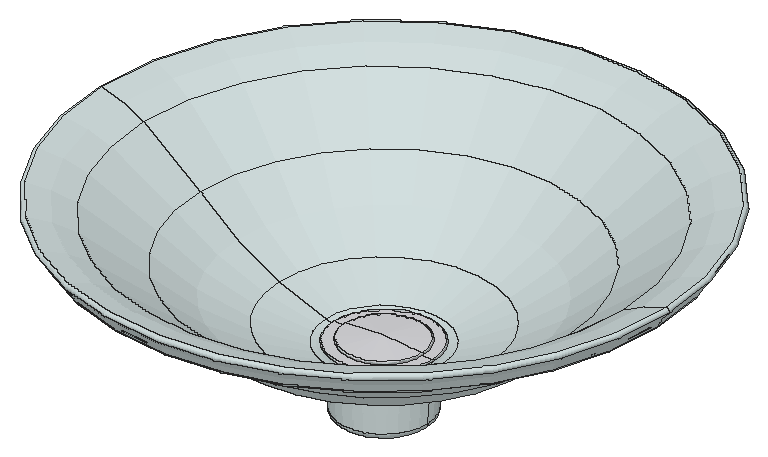
Revit family "Sink-Vessel-Lavatory-KOHLER-Derring_on_Carillon-K-17890_1", category Plumbing Fixtures, host Face, Revit 2015
Parameters (values of type "K8-Translucent White")
  Width = 17 11/16"  # constant formula
  WaterSense Certified = 1 = 0  # no
  Waste Water Outlet = "Waste Water Outlet"  # constant formula
  Waste Connection = 1 = 1  # yes
  Vent Connection = 1 = 0  # no
  URL = "https://www.us.kohler.com/us/"
  Type = 1
  Product Page URL = "http://www.us.kohler.com/us/catalog/productDetails.jsp?productNumber=17890-RL"
  Product Name = "Derring on Carillon"  # constant formula
  Product Documentation Link = "https://www.us.kohler.com/webassets/kpna/catalog/pdf/en/K-17890-RL_spec.pdf"
  Model = if(Type = 1, "K-17890-RL-K8", if(Type = 2, "K-17890-RL-RB2", if(Type = 3, "K-17890-RL-RB3", "NA")))  # "K-17890-RL-K8"
  Material = "Vitreous China"  # constant formula
  MasterFormat 2004 = "22.41.16"  # constant formula
  MasterFormat 1995 = "15410"  # constant formula
  Manufacturer Address = "444 Highland Dr, Kohler, WI 53044"  # constant formula
  Manufacturer = "KOHLER Co."  # constant formula
  Length = 17 11/16"  # constant formula
  Hot Water Inlet = "Hot Water Inlet"  # constant formula
  Height = 6"  # constant formula
  HW Connection = 1 = 0  # no
  Finish = Kohler-Vitreous_China-K8-Translucent_White
  Environmental Product Declaration = ""
  Drain Included = 1 = 0  # no
  Description = "Round Wading Pool bathroom sink"  # constant formula
  Default Elevation = 36"
  Declare Label = ""
  Date Modified = "4/8/2019"  # constant formula
  Date Created = "4/8/2019"  # constant formula
  Copyright = "Copyright KOHLER Co."  # constant formula
  Contact Us = "https://www.us.kohler.com/us/static/contact.jsp"
  Cold Water Inlet = "Cold Water Inlet"  # constant formula
  CW Connection = 1 = 0  # no
  Assembly Code = "D2010400"
  ADA Compliant = 1 = 1  # yes
Reference planes (in)
  plane 1 "Center (Front/Back)": y = 0
  plane 2: z = 0
  plane 3 "Center (Left/Right)": x = 0
  plane 4: y = 8.84375
  plane 5: y = -8.84375
  plane 6: x = 8.84375
  plane 7: x = -8.84375
  plane 8: z = 0.75
  plane 9: z = -5.25
Forms (in)
  Extrusion 1, void
    sketch origin (0, 0, 0) x (1, 0, 0) y (0, 1, 0)
      loop
        circle (0, 0) r 7.81933
    from -5.29821 to 1.35718
Dimensions and locks (in)
  "Length": plane 7 to plane 6
  "Width": plane 5 to plane 4
  locked: plane 8 to plane 2 at 0.75
  "Height": plane 8 to plane 9
  aligned and locked: host face to plane 2
  aligned and locked: host face to level
Automatic sketch dimensions
  host sketch curve to host sketch curve = 96"  (x2)
  plane 1 "Center (Front/Back)" to Extrusion 1 sketch curve = 0"
  Extrusion 1 sketch curve to plane 3 "Center (Left/Right)" = 0"
  radius of Extrusion 1 sketch curve = 7.81933"
Nested families (in)
  nested 1: "K-17890" at (0, 0, 0), type "K-17890"
Connectors (in)
  piping at (0, 0, -4.98396), diameter 1.25, driven by "Waste Connection", driven by "Waste Water Outlet"
    settings: on nested 1, index 1, connector inside diameter 24", connector length 0", flow factor 0, pipe flow 0 GPM, pressure drop 0.00 psi, fitting loss kfactor 0, connector angle 0.00°, fixture units 0, engagement length 0", angle of deflection 0.00°, flow configuration 0, flow direction 2, fitting loss method 0, system type 16, joint type 0, gender type 0, connector reference index -1, connector utility 1, adjustable connector no, is connector primary yes, connector description "Waste Water Outlet"
Definition of nested family "K-17890"
  Parameters (values of type "K-17890")
    Material = none
  Reference planes (in)
    plane 1 "Center (Front/Back)": y = 0
    plane 2: z = 0
    plane 3 "Center (Left/Right)": x = 0
    plane 4: x = -8.84375
    plane 5: x = 8.84375
    plane 6: y = 8.84375
    plane 7: y = -8.84375
    plane 8: z = 0.75
    plane 9: z = -5.25
  Forms (in)
    Sweep 1, solid, material <- "Material", detail levels medium+fine
      path origin (0, 0, 0) x (1, 0, 0) y (0, 1, 0)
        loop
          circle (0, 0) r 0.84375
      profile origin (0.84375, 0, 0) x (-1, 0, 0) y (0, 0, 1)
        loop
          line (0, -3.58553) -> (-0.47827, -3.4942)
          arc (-0.47827, -3.4942) -> (-0.70137, -3.35082) -> (-0.94956, -3.25738) r 1.25872
          arc (-0.94956, -3.25738) -> (-1.6913, -3.02994) -> (-2.41079, -2.73969) r 9.03226
          arc (-2.41079, -2.73969) -> (-3.69827, -2.02279) -> (-4.85204, -1.10608) r 9.03226
          arc (-4.85204, -1.10608) -> (-5.68955, -0.39675) -> (-6.59413, 0.2248) r 10.90406
          arc (-6.59413, 0.2248) -> (-7.22271, 0.54135) -> (-7.89583, 0.74679) r 4.13752
          arc (-7.89583, 0.74679) -> (-7.98862, 0.7058) -> (-7.97855, 0.60486) r 0.08643
          arc (-7.97855, 0.60486) -> (-7.79731, 0.3733) -> (-7.64628, 0.121) r 2.35953
          arc (-7.64628, 0.121) -> (-7.60348, 0.0759) -> (-7.54318, 0.0607) r 0.11162
          arc (-7.54318, 0.0607) -> (-7.47994, 0.04998) -> (-7.42608, 0.01514) r 0.15895
          arc (-7.42608, 0.01514) -> (-7.40982, 0.00441) -> (-7.39071, 0.00065) r 0.05042
          line (-7.39071, 0.00065) -> (-6.90742, 0.00065)
          arc (-6.90742, 0.00065) -> (-6.85479, -0.00801) -> (-6.80771, -0.03308) r 0.16423
          arc (-6.80771, -0.03308) -> (-5.79931, -0.82631) -> (-4.81364, -1.64761) r 45.57702
          arc (-4.81364, -1.64761) -> (-3.74262, -2.4503) -> (-2.57581, -3.106) r 10.20986
          arc (-2.57581, -3.106) -> (-1.72191, -3.45526) -> (-0.83327, -3.70313) r 7.94073
          arc (-0.83327, -3.70313) -> (-0.68362, -3.79118) -> (-0.6155, -3.95088) r 0.27773
          line (-0.6155, -3.95088) -> (-0.51937, -5.07558)
          arc (-0.51937, -5.07558) -> (-0.45836, -5.19978) -> (-0.32941, -5.25) r 0.19066
          line (-0.32941, -5.25) -> (0, -5.25) -> (0, -3.58553)
    Revolve 2, solid, detail levels medium+fine
      sketch origin (0, 0, 0) x (1, 0, 0) y (0, 0, 1)
        loop
          arc (0, -3.06924) -> (-0.59366, -3.0928) -> (-1.18359, -3.16333) r 7.49193
          arc (-1.18359, -3.16333) -> (-1.21043, -3.19746) -> (-1.17854, -3.22692) r 0.032
          line (-1.17854, -3.22692) -> (-1.52405, -3.22692)
          arc (-1.52405, -3.22692) -> (-1.54549, -3.24476) -> (-1.53187, -3.26909) r 0.02181
          line (-1.53187, -3.26909) -> (-0.80286, -3.54893) -> (-0.80286, -4.21632) -> (0, -4.21632) -> (0, -3.06924)
        axis (0, -3.06924) -> (0, -4.21632)
      angle from 0 to 360
    Extrusion 3, solid, material <- "Material", detail levels medium+fine
      sketch origin (0, 0, 0) x (1, 0, 0) y (0, 1, 0)
        loop
          circle (0, 0) r 0.84375
      from -4.98396 to -3.58553
    Extrusion 4, solid, material <- "Material", detail levels coarse
      sketch origin (0, 0, 0) x (1, 0, 0) y (0, 1, 0)
        loop
          circle (0, 0) r 8.84375
      from 0 to 0.75
    Extrusion 5, solid, material <- "Material", detail levels coarse
      sketch origin (0, 0, 0) x (1, 0, 0) y (0, 1, 0)
        loop
          circle (0, 0) r 7.75
      from -5.25 to 0
    Extrusion 6, void
      sketch origin (0, 0, 0) x (1, 0, 0) y (0, 1, 0)
        loop
          circle (0, 0) r 7.25
      from -4.8902 to 2.95349
  Cuts and joins
    joined: Sweep 1, Extrusion 3
    Extrusion 6 cuts Extrusion 4
    Extrusion 6 cuts Extrusion 5
    joined: Extrusion 4, Extrusion 5
  Lines and regions (in)
    Masking region 1
      outline origin (0, 0, 0) x (1, 0, 0) y (0, 1, 0)
        loop
          circle (0, 0) r 8.84375
    Masking region 2
      outline origin (0, 0, 0) x (1, 0, 0) y (0, 0, 1)
        loop
          line (-8.23106, 0) -> (-7.74032, 0)
          arc (-7.74032, 0) -> (-7.70233, -0.0063) -> (-7.6684, -0.02452) r 0.11774
          arc (-7.6684, -0.02452) -> (-6.63638, -0.84027) -> (-5.62388, -1.68014) r 55.76643
          arc (-5.62388, -1.68014) -> (-4.25538, -2.66484) -> (-2.74667, -3.41731) r 10.4776
          arc (-2.74667, -3.41731) -> (-2.21307, -3.59879) -> (-1.66296, -3.72142) r 5.19635
          arc (-1.66296, -3.72142) -> (-1.53166, -3.79203) -> (-1.47077, -3.92811) r 0.23115
          line (-1.47077, -3.92811) -> (-1.36936, -5.02306)
          arc (-1.36936, -5.02306) -> (-1.28886, -5.18475) -> (-1.12043, -5.25) r 0.25
          line (-1.12043, -5.25) -> (1.12043, -5.25)
          arc (1.12043, -5.25) -> (1.28886, -5.18475) -> (1.36936, -5.02306) r 0.25
          line (1.36936, -5.02306) -> (1.47077, -3.92811)
          arc (1.47077, -3.92811) -> (1.53166, -3.79203) -> (1.66296, -3.72142) r 0.23115
          arc (1.66296, -3.72142) -> (2.21307, -3.59879) -> (2.74667, -3.41731) r 5.19635
          arc (2.74667, -3.41731) -> (4.25538, -2.66484) -> (5.62388, -1.68014) r 10.4776
          arc (5.62388, -1.68014) -> (6.63638, -0.84027) -> (7.6684, -0.02452) r 55.76643
          arc (7.6684, -0.02452) -> (7.70233, -0.0063) -> (7.74032, 0) r 0.11774
          line (7.74032, 0) -> (8.23106, 0)
          arc (8.23106, 0) -> (8.25267, 0.0046) -> (8.27052, 0.01761) r 0.05303
          arc (8.27052, 0.01761) -> (8.31789, 0.05146) -> (8.37515, 0.06202) r 0.13396
          arc (8.37515, 0.06202) -> (8.44771, 0.08011) -> (8.49946, 0.1341) r 0.13478
          arc (8.49946, 0.1341) -> (8.64644, 0.37698) -> (8.82194, 0.60014) r 2.32451
          arc (8.82194, 0.60014) -> (8.83684, 0.69683) -> (8.75472, 0.75) r 0.09001
          line (8.75472, 0.75) -> (-8.75472, 0.75)
          arc (-8.75472, 0.75) -> (-8.83684, 0.69683) -> (-8.82194, 0.60014) r 0.09001
          arc (-8.82194, 0.60014) -> (-8.64644, 0.37698) -> (-8.49946, 0.1341) r 2.32451
          arc (-8.49946, 0.1341) -> (-8.44771, 0.08011) -> (-8.37515, 0.06202) r 0.13478
          arc (-8.37515, 0.06202) -> (-8.31789, 0.05146) -> (-8.27052, 0.01761) r 0.13396
          arc (-8.27052, 0.01761) -> (-8.25267, 0.0046) -> (-8.23106, 0) r 0.05303
    Masking region 3
      outline origin (0, 0, 0) x (0, 1, 0) y (0, 0, 1)
        loop
          line (-8.23106, 0) -> (-7.74032, 0)
          arc (-7.74032, 0) -> (-7.70233, -0.0063) -> (-7.6684, -0.02452) r 0.11774
          arc (-7.6684, -0.02452) -> (-6.63638, -0.84027) -> (-5.62388, -1.68014) r 55.76643
          arc (-5.62388, -1.68014) -> (-4.25538, -2.66484) -> (-2.74667, -3.41731) r 10.4776
          arc (-2.74667, -3.41731) -> (-2.21307, -3.59879) -> (-1.66296, -3.72142) r 5.19635
          arc (-1.66296, -3.72142) -> (-1.53166, -3.79203) -> (-1.47077, -3.92811) r 0.23115
          line (-1.47077, -3.92811) -> (-1.36936, -5.02306)
          arc (-1.36936, -5.02306) -> (-1.28886, -5.18475) -> (-1.12043, -5.25) r 0.25
          line (-1.12043, -5.25) -> (1.12043, -5.25)
          arc (1.12043, -5.25) -> (1.28886, -5.18475) -> (1.36936, -5.02306) r 0.25
          line (1.36936, -5.02306) -> (1.47077, -3.92811)
          arc (1.47077, -3.92811) -> (1.53166, -3.79203) -> (1.66296, -3.72142) r 0.23115
          arc (1.66296, -3.72142) -> (2.21307, -3.59879) -> (2.74667, -3.41731) r 5.19635
          arc (2.74667, -3.41731) -> (4.25538, -2.66484) -> (5.62388, -1.68014) r 10.4776
          arc (5.62388, -1.68014) -> (6.63638, -0.84027) -> (7.6684, -0.02452) r 55.76643
          arc (7.6684, -0.02452) -> (7.70233, -0.0063) -> (7.74032, 0) r 0.11774
          line (7.74032, 0) -> (8.23106, 0)
          arc (8.23106, 0) -> (8.25267, 0.0046) -> (8.27052, 0.01761) r 0.05303
          arc (8.27052, 0.01761) -> (8.31789, 0.05146) -> (8.37515, 0.06202) r 0.13396
          arc (8.37515, 0.06202) -> (8.44771, 0.08011) -> (8.49946, 0.1341) r 0.13478
          arc (8.49946, 0.1341) -> (8.64644, 0.37698) -> (8.82194, 0.60014) r 2.32451
          arc (8.82194, 0.60014) -> (8.83684, 0.69683) -> (8.75472, 0.75) r 0.09001
          line (8.75472, 0.75) -> (-8.75472, 0.75)
          arc (-8.75472, 0.75) -> (-8.83684, 0.69683) -> (-8.82194, 0.60014) r 0.09001
          arc (-8.82194, 0.60014) -> (-8.64644, 0.37698) -> (-8.49946, 0.1341) r 2.32451
          arc (-8.49946, 0.1341) -> (-8.44771, 0.08011) -> (-8.37515, 0.06202) r 0.13478
          arc (-8.37515, 0.06202) -> (-8.31789, 0.05146) -> (-8.27052, 0.01761) r 0.13396
          arc (-8.27052, 0.01761) -> (-8.25267, 0.0046) -> (-8.23106, 0) r 0.05303
    symbolic lines, detail levels medium+fine
      curve 1: circle (0, 0, 0) r 8.69018 normal (0, 0, 1)
      curve 2: circle (0, 0, 0) r 1.54877 normal (0, 0, 1)
      curve 3: circle (0, 0, 0) r 1.31178 normal (0, 0, 1)
      curve 4: line (-7.74032, 0, 0) -> (7.75968, 0, 0)
      curve 5: line (-1.66296, 0, -3.72142) -> (1.66296, 0, -3.72142)
      curve 6: line (0, -7.74032, 0) -> (0, 7.74032, 0)
      curve 7: line (0, -1.66296, -3.72142) -> (0, 1.66296, -3.72142)
      curve 8: line (0, 8.69018, 0) -> (0, 8.41945, 0)
      curve 9: line (0.58909, 8.41945, 0) -> (0.60655, 8.66899, 0)
      curve 10: arc (0, 8.41945, 0) -> (0.01739, 7.88883, 0) -> (0.0695, 7.36049, 0) r 8.10184
      curve 11: arc (0.0695, 7.36049, 0) -> (0.10757, 7.16722, 0) -> (0.16976, 6.98032, 0) r 1.55506
      curve 12: arc (0.49256, 7.57014, 0) -> (0.55002, 7.99375, 0) -> (0.58909, 8.41945, 0) r 9.87161
      curve 13: arc (0.40844, 7.2089, 0) -> (0.45704, 7.388, 0) -> (0.49256, 7.57014, 0) r 2.56621
      curve 14: arc (0.30131, 6.96995, 0) -> (0.36207, 7.0862, 0) -> (0.40844, 7.2089, 0) r 1.09046
      curve 15: arc (0.16976, 6.98032, 0) -> (0.23233, 6.93447, 0) -> (0.30131, 6.96995, 0) r 0.07375
      curve 16: line (0.61995, 8.66804, 0) -> (0.60064, 8.39799, 0)
      curve 17: line (1.18822, 8.35597, 0) -> (1.22344, 8.60363, 0)
      curve 18: arc (0.60064, 8.39799, 0) -> (0.58013, 7.86749, 0) -> (0.59442, 7.33678, 0) r 8.10184
      curve 19: arc (0.59442, 7.33678, 0) -> (0.6186, 7.14129, 0) -> (0.66729, 6.95042, 0) r 1.55506
      curve 20: arc (1.03136, 7.51571, 0) -> (1.11889, 7.93414, 0) -> (1.18822, 8.35597, 0) r 9.87161
      curve 21: arc (0.92168, 7.1614, 0) -> (0.98293, 7.33657, 0) -> (1.03136, 7.51571, 0) r 2.56621
      curve 22: arc (0.79777, 6.9307, 0) -> (0.86667, 7.04232, 0) -> (0.92168, 7.1614, 0) r 1.09046
      curve 23: arc (0.66729, 6.95042, 0) -> (0.72643, 6.90022, 0) -> (0.79777, 6.9307, 0) r 0.07375
      curve 24: line (1.23674, 8.60173, 0) -> (1.19821, 8.33375, 0)
      curve 25: line (1.7813, 8.24991, 0) -> (1.8341, 8.49443, 0)
      curve 26: arc (1.19821, 8.33375, 0) -> (1.13991, 7.80606, 0) -> (1.1163, 7.27568, 0) r 8.10184
      curve 27: arc (1.1163, 7.27568, 0) -> (1.12647, 7.07896, 0) -> (1.16143, 6.88511, 0) r 1.55506
      curve 28: arc (1.56489, 7.42298, 0) -> (1.68205, 7.8341, 0) -> (1.7813, 8.24991, 0) r 9.87161
      curve 29: arc (1.43022, 7.0774, 0) -> (1.50381, 7.24776, 0) -> (1.56489, 7.42298, 0) r 2.56621
      curve 30: arc (1.29017, 6.85613, 0) -> (1.36686, 6.96254, 0) -> (1.43022, 7.0774, 0) r 1.09046
      curve 31: arc (1.16143, 6.88511, 0) -> (1.21684, 6.83082, 0) -> (1.29017, 6.85613, 0) r 0.07375
      curve 32: line (1.84723, 8.49159, 0) -> (1.78968, 8.22704, 0)
      curve 33: line (2.36531, 8.10182, 0) -> (2.43541, 8.34195, 0)
      curve 34: arc (1.78968, 8.22704, 0) -> (1.69389, 7.70485, 0) -> (1.6325, 7.1775, 0) r 8.10184
      curve 35: arc (1.6325, 7.1775, 0) -> (1.62861, 6.98056, 0) -> (1.64965, 6.78471, 0) r 1.55506
      curve 36: arc (2.09046, 7.29243, 0) -> (2.23665, 7.69415, 0) -> (2.36531, 8.10182, 0) r 9.87161
      curve 37: arc (1.93147, 6.95734, 0) -> (2.01702, 7.12201, 0) -> (2.09046, 7.29243, 0) r 2.56621
      curve 38: arc (1.77599, 6.74662, 0) -> (1.86008, 6.84729, 0) -> (1.93147, 6.95734, 0) r 1.09046
      curve 39: arc (1.64965, 6.78471, 0) -> (1.70104, 6.72661, 0) -> (1.77599, 6.74662, 0) r 0.07375
      curve 40: line (2.44831, 8.33817, 0) -> (2.37203, 8.0784, 0)
      curve 41: line (2.93726, 7.91243, 0) -> (3.02431, 8.14695, 0)
      curve 42: arc (2.37203, 8.0784, 0) -> (2.23923, 7.56437, 0) -> (2.14038, 7.04276, 0) r 8.10184
      curve 43: arc (2.14038, 7.04276, 0) -> (2.12245, 6.84659, 0) -> (2.12946, 6.64974, 0) r 1.55506
      curve 44: arc (2.60537, 7.12472, 0) -> (2.77984, 7.51498, 0) -> (2.93726, 7.91243, 0) r 9.87161
      curve 45: arc (2.42288, 6.80182, 0) -> (2.51996, 6.95997, 0) -> (2.60537, 7.12472, 0) r 2.56621
      curve 46: arc (2.25276, 6.60273, 0) -> (2.34382, 6.69715, 0) -> (2.42288, 6.80182, 0) r 1.09046
      curve 47: arc (2.12946, 6.64974, 0) -> (2.17658, 6.58812, 0) -> (2.25276, 6.60273, 0) r 0.07375
      curve 48: line (3.03691, 8.14227, 0) -> (2.94229, 7.8886, 0)
      curve 49: line (3.49424, 7.68273, 0) -> (3.5978, 7.91044, 0)
      curve 50: arc (2.94229, 7.8886, 0) -> (2.77316, 7.38536, 0) -> (2.63735, 6.87212, 0) r 8.10184
      curve 51: arc (2.63735, 6.87212, 0) -> (2.60547, 6.67774, 0) -> (2.59842, 6.48088, 0) r 1.55506
      curve 52: arc (3.107, 6.9207, 0) -> (3.30887, 7.29752, 0) -> (3.49424, 7.68273, 0) r 9.87161
      curve 53: arc (2.90194, 6.61164, 0) -> (3.01006, 6.76246, 0) -> (3.107, 6.9207, 0) r 2.56621
      curve 54: arc (2.71806, 6.4252, 0) -> (2.81562, 6.51288, 0) -> (2.90194, 6.61164, 0) r 1.09046
      curve 55: arc (2.59842, 6.48088, 0) -> (2.64103, 6.41606, 0) -> (2.71806, 6.4252, 0) r 0.07375
      curve 56: line (3.61003, 7.90487, 0) -> (3.49756, 7.6586, 0)
      curve 57: line (4.03342, 7.41388, 0) -> (4.15296, 7.63362, 0)
      curve 58: arc (3.49756, 7.6586, 0) -> (3.29296, 7.1687, 0) -> (3.12088, 6.66646, 0) r 8.10184
      curve 59: arc (3.12088, 6.66646, 0) -> (3.07522, 6.47485, 0) -> (3.05415, 6.279, 0) r 1.55506
      curve 60: arc (3.5928, 6.68142, 0) -> (3.82104, 7.04288, 0) -> (4.03342, 7.41388, 0) r 9.87161
      curve 61: arc (3.36622, 6.38778, 0) -> (3.48482, 6.5305, 0) -> (3.5928, 6.68142, 0) r 2.56621
      curve 62: arc (3.1695, 6.21493, 0) -> (3.27307, 6.29542, 0) -> (3.36622, 6.38778, 0) r 1.09046
      curve 63: arc (3.05415, 6.279, 0) -> (3.09201, 6.2113, 0) -> (3.1695, 6.21493, 0) r 0.07375
      curve 64: line (4.16476, 7.62719, 0) -> (4.03501, 7.38957, 0)
      curve 65: line (4.55204, 7.10725, 0) -> (4.68696, 7.3179, 0)
      curve 66: arc (4.03501, 7.38957, 0) -> (3.79598, 6.91552, 0) -> (3.58851, 6.42684, 0) r 8.10184
      curve 67: arc (3.58851, 6.42684, 0) -> (3.52929, 6.23897, 0) -> (3.4943, 6.04512, 0) r 1.55506
      curve 68: arc (4.06029, 6.40809, 0) -> (4.31374, 6.75235, 0) -> (4.55204, 7.10725, 0) r 9.87161
      curve 69: arc (3.81334, 6.13136, 0) -> (3.94182, 6.26526, 0) -> (4.06029, 6.40809, 0) r 2.56621
      curve 70: arc (3.60479, 5.97298, 0) -> (3.71384, 6.04589, 0) -> (3.81334, 6.13136, 0) r 1.09046
      curve 71: arc (3.4943, 6.04512, 0) -> (3.52724, 5.97489, 0) -> (3.60479, 5.97298, 0) r 0.07375
      curve 72: line (4.69827, 7.31065, 0) -> (4.5519, 7.08289, 0)
      curve 73: line (5.04747, 6.7644, 0) -> (5.19707, 6.9649, 0)
      curve 74: arc (4.5519, 7.08289, 0) -> (4.27966, 6.6271, 0) -> (4.03785, 6.15446, 0) r 8.10184
      curve 75: arc (4.03785, 6.15446, 0) -> (3.96538, 5.9713, 0) -> (3.91665, 5.78044, 0) r 1.55506
      curve 76: arc (4.5071, 6.1021, 0) -> (4.78445, 6.4274, 0) -> (5.04747, 6.7644, 0) r 9.87161
      curve 77: arc (4.24103, 5.84369, 0) -> (4.37874, 5.96809, 0) -> (4.5071, 6.1021, 0) r 2.56621
      curve 78: arc (4.02172, 5.7006, 0) -> (4.13568, 5.76554, 0) -> (4.24103, 5.84369, 0) r 1.09046
      curve 79: arc (3.91665, 5.78044, 0) -> (3.9445, 5.70804, 0) -> (4.02172, 5.7006, 0) r 0.07375
      curve 80: line (5.20783, 6.95685, 0) -> (5.04559, 6.74011, 0)
      curve 81: line (5.51717, 6.38709, 0) -> (5.6807, 6.5764, 0)
      curve 82: arc (5.04559, 6.74011, 0) -> (4.74152, 6.30491, 0) -> (4.46662, 5.85072, 0) r 8.10184
      curve 83: arc (4.46662, 5.85072, 0) -> (4.38127, 5.67319, 0) -> (4.31905, 5.4863, 0) r 1.55506
      curve 84: arc (4.93093, 5.76502, 0) -> (5.23079, 6.06971, 0) -> (5.51717, 6.38709, 0) r 9.87161
      curve 85: arc (4.64711, 5.52625, 0) -> (4.79334, 5.6405, 0) -> (4.93093, 5.76502, 0) r 2.56621
      curve 86: arc (4.41814, 5.39917, 0) -> (4.53646, 5.45581, 0) -> (4.64711, 5.52625, 0) r 1.09046
      curve 87: arc (4.31905, 5.4863, 0) -> (4.34166, 5.4121, 0) -> (4.41814, 5.39917, 0) r 0.07375
      curve 88: line (5.69086, 6.5676, 0) -> (5.51356, 6.36299, 0)
      curve 89: line (5.95877, 5.97722, 0) -> (6.13538, 6.15438, 0)
      curve 90: arc (5.51356, 6.36299, 0) -> (5.17923, 5.95059, 0) -> (4.87262, 5.51717, 0) r 8.10184
      curve 91: arc (4.87262, 5.51717, 0) -> (4.77483, 5.34618, 0) -> (4.69943, 5.16421, 0) r 1.55506
      curve 92: arc (5.32964, 5.39857, 0) -> (5.65047, 5.68108, 0) -> (5.95877, 5.97722, 0) r 9.87161
      curve 93: arc (5.02951, 5.18065, 0) -> (5.18352, 5.28418, 0) -> (5.32964, 5.39857, 0) r 2.56621
      curve 94: arc (4.79206, 5.07023, 0) -> (4.91411, 5.11829, 0) -> (5.02951, 5.18065, 0) r 1.09046
      curve 95: arc (4.69943, 5.16421, 0) -> (4.71669, 5.08858, 0) -> (4.79206, 5.07023, 0) r 0.07375
      curve 96: line (6.14489, 6.14489, 0) -> (5.95345, 5.95345, 0)
      curve 97: line (6.36999, 5.5369, 0) -> (6.55879, 5.70101, 0)
      curve 98: arc (5.95345, 5.95345, 0) -> (5.59054, 5.56594, 0) -> (5.2538, 5.1555, 0) r 8.10184
      curve 99: arc (5.2538, 5.1555, 0) -> (5.14405, 4.99193, 0) -> (5.05587, 4.81579, 0) r 1.55506
      curve 100: arc (5.70119, 5.0046, 0) -> (6.04136, 5.26351, 0) -> (6.36999, 5.5369, 0) r 9.87161
      curve 101: arc (5.38628, 4.80865, 0) -> (5.54728, 4.90093, 0) -> (5.70119, 5.0046, 0) r 2.56621
      curve 102: arc (5.14156, 4.71545, 0) -> (5.26672, 4.75468, 0) -> (5.38628, 4.80865, 0) r 1.09046
      curve 103: arc (5.05587, 4.81579, 0) -> (5.06769, 4.73913, 0) -> (5.14156, 4.71545, 0) r 0.07375
      curve 104: line (6.5676, 5.69086, 0) -> (6.36299, 5.51356, 0)
      curve 105: line (6.74876, 5.06836, 0) -> (6.94879, 5.21858, 0)
      curve 106: arc (6.36299, 5.51356, 0) -> (5.97337, 5.15294, 0) -> (5.6082, 4.76757, 0) r 8.10184
      curve 107: arc (5.6082, 4.76757, 0) -> (5.48707, 4.61224, 0) -> (5.38654, 4.44284, 0) r 1.55506
      curve 108: arc (6.04369, 4.58513, 0) -> (6.40146, 4.81911, 0) -> (6.74876, 5.06836, 0) r 9.87161
      curve 109: arc (5.7156, 4.41215, 0) -> (5.88277, 4.4927, 0) -> (6.04369, 4.58513, 0) r 2.56621
      curve 110: arc (5.46485, 4.33664, 0) -> (5.5925, 4.36684, 0) -> (5.7156, 4.41215, 0) r 1.09046
      curve 111: arc (5.38654, 4.44284, 0) -> (5.39286, 4.36553, 0) -> (5.46485, 4.33664, 0) r 0.07375
      curve 112: line (6.95685, 5.20783, 0) -> (6.74011, 5.04559, 0)
      curve 113: line (7.09314, 4.574, 0) -> (7.30337, 4.70957, 0)
      curve 114: arc (6.74011, 5.04559, 0) -> (6.32576, 4.71367, 0) -> (5.93403, 4.35534, 0) r 8.10184
      curve 115: arc (5.93403, 4.35534, 0) -> (5.80212, 4.20904, 0) -> (5.68976, 4.04725, 0) r 1.55506
      curve 116: arc (6.35539, 4.1423, 0) -> (6.72894, 4.35016, 0) -> (7.09314, 4.574, 0) r 9.87161
      curve 117: arc (6.01579, 3.99316, 0) -> (6.18829, 4.06158, 0) -> (6.35539, 4.1423, 0) r 2.56621
      curve 118: arc (5.7603, 3.93573, 0) -> (5.88978, 3.95675, 0) -> (6.01579, 3.99316, 0) r 1.09046
      curve 119: arc (5.68976, 4.04725, 0) -> (5.69055, 3.96968, 0) -> (5.7603, 3.93573, 0) r 0.07375
      curve 120: line (7.31065, 4.69827, 0) -> (7.08289, 4.5519, 0)
      curve 121: line (7.40137, 4.05633, 0) -> (7.62074, 4.17655, 0)
      curve 122: arc (7.08289, 4.5519, 0) -> (6.64591, 4.25039, 0) -> (6.22961, 3.92091, 0) r 8.10184
      curve 123: arc (6.22961, 3.92091, 0) -> (6.08761, 3.7844, 0) -> (5.96399, 3.63104, 0) r 1.55506
      curve 124: arc (6.6347, 3.67835, 0) -> (7.02213, 3.85904, 0) -> (7.40137, 4.05633, 0) r 9.87161
      curve 125: arc (6.28534, 3.55382, 0) -> (6.46227, 3.60977, 0) -> (6.6347, 3.67835, 0) r 2.56621
      curve 126: arc (6.0264, 3.51477, 0) -> (6.15704, 3.52649, 0) -> (6.28534, 3.55382, 0) r 1.09046
      curve 127: arc (5.96399, 3.63104, 0) -> (5.95925, 3.55361, 0) -> (6.0264, 3.51477, 0) r 0.07375
      curve 128: line (7.62719, 4.16476, 0) -> (7.38957, 4.03501, 0)
      curve 129: line (7.67189, 3.51798, 0) -> (7.89928, 3.62225, 0)
      curve 130: arc (7.38957, 4.03501, 0) -> (6.93219, 3.76545, 0) -> (6.49346, 3.4665, 0) r 8.10184
      curve 131: arc (6.49346, 3.4665, 0) -> (6.34207, 3.34047, 0) -> (6.20783, 3.19632, 0) r 1.55506
      curve 132: arc (6.88021, 3.19567, 0) -> (7.27954, 3.34825, 0) -> (7.67189, 3.51798, 0) r 9.87161
      curve 133: arc (6.52285, 3.09638, 0) -> (6.70333, 3.13956, 0) -> (6.88021, 3.19567, 0) r 2.56621
      curve 134: arc (6.26178, 3.07589, 0) -> (6.39293, 3.07827, 0) -> (6.52285, 3.09638, 0) r 1.09046
      curve 135: arc (6.20783, 3.19632, 0) -> (6.19758, 3.11943, 0) -> (6.26178, 3.07589, 0) r 0.07375
      curve 136: line (7.90487, 3.61003, 0) -> (7.6586, 3.49756, 0)
      curve 137: line (7.90331, 2.96171, 0) -> (8.13756, 3.0495, 0)
      curve 138: arc (7.6586, 3.49756, 0) -> (7.18316, 3.26131, 0) -> (6.72421, 2.99443, 0) r 8.10184
      curve 139: arc (6.72421, 2.99443, 0) -> (6.56422, 2.87953, 0) -> (6.42004, 2.74531, 0) r 1.55506
      curve 140: arc (7.09066, 2.6967, 0) -> (7.49985, 2.8204, 0) -> (7.90331, 2.96171, 0) r 9.87161
      curve 141: arc (6.72712, 2.62316, 0) -> (6.91022, 2.65335, 0) -> (7.09066, 2.6967, 0) r 2.56621
      curve 142: arc (6.46526, 2.62135, 0) -> (6.59624, 2.61436, 0) -> (6.72712, 2.62316, 0) r 1.09046
      curve 143: arc (6.42004, 2.74531, 0) -> (6.40432, 2.66935, 0) -> (6.46526, 2.62135, 0) r 0.07375
      curve 144: line (8.14227, 3.03691, 0) -> (7.8886, 2.94229, 0)
      curve 145: line (8.09446, 2.39035, 0) -> (8.33437, 2.4612, 0)
      curve 146: arc (7.8886, 2.94229, 0) -> (7.39751, 2.74056, 0) -> (6.9207, 2.50711, 0) r 8.10184
      curve 147: arc (6.9207, 2.50711, 0) -> (6.75292, 2.4039, 0) -> (6.59953, 2.28032, 0) r 1.55506
      curve 148: arc (7.26497, 2.18398, 0) -> (7.68195, 2.27818, 0) -> (8.09446, 2.39035, 0) r 9.87161
      curve 149: arc (6.89712, 2.13656, 0) -> (7.0819, 2.15362, 0) -> (7.26497, 2.18398, 0) r 2.56621
      curve 150: arc (6.63579, 2.15344, 0) -> (6.76594, 2.13713, 0) -> (6.89712, 2.13656, 0) r 1.09046
      curve 151: arc (6.59953, 2.28032, 0) -> (6.57844, 2.20567, 0) -> (6.63579, 2.15344, 0) r 0.07375
      curve 152: line (8.33817, 2.44831, 0) -> (8.0784, 2.37203, 0)
      curve 153: line (8.24436, 1.80681, 0) -> (8.48872, 1.86036, 0)
      curve 154: arc (8.0784, 2.37203, 0) -> (7.57418, 2.20585, 0) -> (7.08192, 2.007, 0) r 8.10184
      curve 155: arc (7.08192, 2.007, 0) -> (6.9072, 1.91603, 0) -> (6.74539, 1.8037, 0) r 1.55506
      curve 156: arc (7.40226, 1.66014, 0) -> (7.8249, 1.72436, 0) -> (8.24436, 1.80681, 0) r 9.87161
      curve 157: arc (7.03196, 1.63909, 0) -> (7.21749, 1.64292, 0) -> (7.40226, 1.66014, 0) r 2.56621
      curve 158: arc (6.77251, 1.67456, 0) -> (6.90117, 1.64901, 0) -> (7.03196, 1.63909, 0) r 1.09046
      curve 159: arc (6.74539, 1.8037, 0) -> (6.71902, 1.73075, 0) -> (6.77251, 1.67456, 0) r 0.07375
      curve 160: line (8.49159, 1.84723, 0) -> (8.22704, 1.78968, 0)
      curve 161: line (8.35225, 1.21406, 0) -> (8.59981, 1.25004, 0)
      curve 162: arc (8.22704, 1.78968, 0) -> (7.71224, 1.65989, 0) -> (7.20705, 1.49667, 0) r 8.10184
      curve 163: arc (7.20705, 1.49667, 0) -> (7.02629, 1.41839, 0) -> (6.85688, 1.3179, 0) r 1.55506
      curve 164: arc (7.50184, 1.12784, 0) -> (7.92798, 1.16174, 0) -> (8.35225, 1.21406, 0) r 9.87161
      curve 165: arc (7.13098, 1.13326, 0) -> (7.31631, 1.12384, 0) -> (7.50184, 1.12784, 0) r 2.56621
      curve 166: arc (6.87471, 1.18715, 0) -> (7.00122, 1.15248, 0) -> (7.13098, 1.13326, 0) r 1.09046
      curve 167: arc (6.85688, 1.3179, 0) -> (6.82538, 1.24701, 0) -> (6.87471, 1.18715, 0) r 0.07375
      curve 168: line (8.60173, 1.23674, 0) -> (8.33375, 1.19821, 0)
      curve 169: line (8.41758, 0.61512, 0) -> (8.66707, 0.63335, 0)
      curve 170: arc (8.33375, 1.19821, 0) -> (7.81101, 1.10548, 0) -> (7.29546, 0.97871, 0) r 8.10184
      curve 171: arc (7.29546, 0.97871, 0) -> (7.10958, 0.91353, 0) -> (6.93343, 0.82537, 0) r 1.55506
      curve 172: arc (7.56318, 0.58979, 0) -> (7.99066, 0.59321, 0) -> (8.41758, 0.61512, 0) r 9.87161
      curve 173: arc (7.19365, 0.62165, 0) -> (7.37784, 0.59904, 0) -> (7.56318, 0.58979, 0) r 2.56621
      curve 174: arc (6.94189, 0.69369, 0) -> (7.0656, 0.65008, 0) -> (7.19365, 0.62165, 0) r 1.09046
      curve 175: arc (6.93343, 0.82537, 0) -> (6.89695, 0.75692, 0) -> (6.94189, 0.69369, 0) r 0.07375
      curve 176: line (8.66804, 0.61995, 0) -> (8.39799, 0.60064, 0)
      curve 177: line (8.44002, 0.01305, 0) -> (8.69017, 0.01344, 0)
      curve 178: arc (8.39799, 0.60064, 0) -> (7.86997, 0.54543, 0) -> (7.34669, 0.45576, 0) r 8.10184
      curve 179: arc (7.34669, 0.45576, 0) -> (7.15663, 0.40401, 0) -> (6.97464, 0.32865, 0) r 1.55506
      curve 180: arc (7.58599, 0.04874, 0) -> (8.01262, 0.02165, 0) -> (8.44002, 0.01305, 0) r 9.87161
      curve 181: arc (7.21967, 0.10688, 0) -> (7.40178, 0.07118, 0) -> (7.58599, 0.04874, 0) r 2.56621
      curve 182: arc (6.97369, 0.19669, 0) -> (7.09398, 0.14437, 0) -> (7.21967, 0.10688, 0) r 1.09046
      curve 183: arc (6.97464, 0.32865, 0) -> (6.93337, 0.26296, 0) -> (6.97369, 0.19669, 0) r 0.07375
      curve 184: arc (0.23233, 6.93447, 0) -> (0.20687, 6.50146, 0) -> (0.14174, 6.07263, 0) r 4.71583
      curve 185: arc (0.14174, 6.07263, 0) -> (0.09095, 5.93577, 0) -> (0, 5.82159, 0) r 0.46205
      curve 186: arc (0.23233, 6.93447, 0) -> (0.24481, 6.49728, 0) -> (0.29329, 6.06262, 0) r 5.30137
      curve 187: arc (0.29329, 6.06262, 0) -> (0.33521, 5.92553, 0) -> (0.41443, 5.80606, 0) r 0.49812
      curve 188: arc (0.72643, 6.90022, 0) -> (0.67016, 6.47014, 0) -> (0.5746, 6.04704, 0) r 4.71583
      curve 189: arc (0.5746, 6.04704, 0) -> (0.51386, 5.91369, 0) -> (0.41443, 5.80606, 0) r 0.46205
      curve 190: arc (0.72643, 6.90022, 0) -> (0.7077, 6.46326, 0) -> (0.72505, 6.02625, 0) r 5.30137
      curve 191: arc (0.72505, 6.02625, 0) -> (0.75708, 5.88652, 0) -> (0.82757, 5.7617, 0) r 0.49812
      curve 192: arc (1.21684, 6.83082, 0) -> (1.13002, 6.40585, 0) -> (1.00453, 5.99065, 0) r 4.71583
      curve 193: arc (1.00453, 5.99065, 0) -> (0.93443, 5.86196, 0) -> (0.82757, 5.7617, 0) r 0.46205
      curve 194: arc (1.21684, 6.83082, 0) -> (1.16698, 6.39631, 0) -> (1.15311, 5.95917, 0) r 5.30137
      curve 195: arc (1.15311, 5.95917, 0) -> (1.17509, 5.81751, 0) -> (1.2365, 5.68798, 0) r 0.49812
      curve 196: arc (1.70104, 6.72661, 0) -> (1.58413, 6.30891, 0) -> (1.42933, 5.90372, 0) r 4.71583
      curve 197: arc (1.42933, 5.90372, 0) -> (1.35061, 5.78079, 0) -> (1.23747, 5.68854, 0) r 0.46205
      curve 198: arc (1.70104, 6.72661, 0) -> (1.62031, 6.29676, 0) -> (1.57529, 5.86172, 0) r 5.30137
      curve 199: arc (1.57529, 5.86172, 0) -> (1.58711, 5.71886, 0) -> (1.63912, 5.58528, 0) r 0.49812
      curve 200: arc (2.17658, 6.58812, 0) -> (2.03017, 6.17982, 0) -> (1.84686, 5.78671, 0) r 4.71583
      curve 201: arc (1.84686, 5.78671, 0) -> (1.75957, 5.6697, 0) -> (1.64013, 5.58577, 0) r 0.46205
      curve 202: arc (2.17658, 6.58812, 0) -> (2.06539, 6.16513, 0) -> (1.98945, 5.73441, 0) r 5.30137
      curve 203: arc (1.98945, 5.73441, 0) -> (1.99104, 5.59107, 0) -> (2.0334, 5.45412, 0) r 0.49812
      curve 204: arc (2.64103, 6.41606, 0) -> (2.46586, 6.01925, 0) -> (2.25497, 5.64021, 0) r 4.71583
      curve 205: arc (2.25497, 5.64021, 0) -> (2.15956, 5.52973, 0) -> (2.03444, 5.45453, 0) r 0.46205
      curve 206: arc (2.64103, 6.41606, 0) -> (2.49994, 6.00207, 0) -> (2.39347, 5.57787, 0) r 5.30137
      curve 207: arc (2.39347, 5.57787, 0) -> (2.38483, 5.43478, 0) -> (2.41731, 5.29516, 0) r 0.49812
      curve 208: arc (3.09201, 6.2113, 0) -> (2.88898, 5.828, 0) -> (2.6516, 5.46498, 0) r 4.71583
      curve 209: arc (2.6516, 5.46498, 0) -> (2.54809, 5.36125, 0) -> (2.41731, 5.29516, 0) r 0.46205
      curve 210: arc (3.09201, 6.2113, 0) -> (2.92176, 5.80844, 0) -> (2.78529, 5.39291, 0) r 5.30137
      curve 211: arc (2.78529, 5.39291, 0) -> (2.76647, 5.2508, 0) -> (2.7889, 5.10922, 0) r 0.49812
      curve 212: arc (3.52724, 5.97489, 0) -> (3.29739, 5.60705, 0) -> (3.03471, 5.26189, 0) r 4.71583
      curve 213: arc (3.03471, 5.26189, 0) -> (2.92406, 5.16582, 0) -> (2.7889, 5.10922, 0) r 0.46205
      curve 214: arc (3.52724, 5.97489, 0) -> (3.32868, 5.5852, 0) -> (3.16292, 5.18047, 0) r 5.30137
      curve 215: arc (3.16292, 5.18047, 0) -> (3.13401, 5.04007, 0) -> (3.14628, 4.89724, 0) r 0.49812
      curve 216: arc (3.9445, 5.70804, 0) -> (3.68899, 5.35753, 0) -> (3.40235, 5.03199, 0) r 4.71583
      curve 217: arc (3.40235, 5.03199, 0) -> (3.28514, 4.94405, 0) -> (3.14628, 4.89724, 0) r 0.46205
      curve 218: arc (3.9445, 5.70804, 0) -> (3.71865, 5.33351, 0) -> (3.52443, 4.94163, 0) r 5.30137
      curve 219: arc (3.52443, 4.94163, 0) -> (3.48558, 4.80365, 0) -> (3.48763, 4.66031, 0) r 0.49812
      curve 220: arc (4.34166, 5.4121, 0) -> (4.06179, 5.08071, 0) -> (3.75266, 4.77645, 0) r 4.71583
      curve 221: arc (3.75266, 4.77645, 0) -> (3.62999, 4.69732, 0) -> (3.48875, 4.66042, 0) r 0.46205
      curve 222: arc (4.34166, 5.4121, 0) -> (4.08966, 5.05463, 0) -> (3.86798, 4.67761, 0) r 5.30137
      curve 223: arc (3.86798, 4.67761, 0) -> (3.81939, 4.54275, 0) -> (3.81121, 4.39963, 0) r 0.49812
      curve 224: arc (4.71669, 5.08858, 0) -> (4.4139, 4.778, 0) -> (4.08385, 4.49656, 0) r 4.71583
      curve 225: arc (4.08385, 4.49656, 0) -> (3.95531, 4.42621, 0) -> (3.81121, 4.39963, 0) r 0.46205
      curve 226: arc (4.71669, 5.08858, 0) -> (4.43983, 4.75, 0) -> (4.19183, 4.38976, 0) r 5.30137
      curve 227: arc (4.19183, 4.38976, 0) -> (4.13373, 4.2587, 0) -> (4.11536, 4.11654, 0) r 0.49812
      curve 228: arc (5.06769, 4.73913, 0) -> (4.74351, 4.45095, 0) -> (4.39423, 4.19377, 0) r 4.71583
      curve 229: arc (4.39423, 4.19377, 0) -> (4.261, 4.13276, 0) -> (4.11536, 4.11654, 0) r 0.46205
      curve 230: arc (5.06769, 4.73913, 0) -> (4.76738, 4.42116, 0) -> (4.49431, 4.07953, 0) r 5.30137
      curve 231: arc (4.49431, 4.07953, 0) -> (4.42701, 3.95296, 0) -> (4.39855, 3.81246, 0) r 0.49812
      curve 232: arc (5.39286, 4.36553, 0) -> (5.04895, 4.10121, 0) -> (4.68221, 3.8696, 0) r 4.71583
      curve 233: arc (4.68221, 3.8696, 0) -> (4.54497, 3.81825, 0) -> (4.39855, 3.81246, 0) r 0.46205
      curve 234: arc (5.39286, 4.36553, 0) -> (5.07064, 4.0698, 0) -> (4.77389, 3.74852, 0) r 5.30137
      curve 235: arc (4.77389, 3.74852, 0) -> (4.69773, 3.62707, 0) -> (4.65932, 3.48896, 0) r 0.49812
      curve 236: arc (5.69055, 3.96968, 0) -> (5.32866, 3.73057, 0) -> (4.94633, 3.52572, 0) r 4.71583
      curve 237: arc (4.94633, 3.52572, 0) -> (4.80578, 3.48429, 0) -> (4.65932, 3.48896, 0) r 0.46205
      curve 238: arc (5.69055, 3.96968, 0) -> (5.34805, 3.69769, 0) -> (5.02914, 3.3984, 0) r 5.30137
      curve 239: arc (5.02914, 3.3984, 0) -> (4.94681, 3.28697, 0) -> (4.89835, 3.15718, 0) r 0.49812
      curve 240: arc (5.95925, 3.55361, 0) -> (5.58122, 3.34092, 0) -> (5.18525, 3.16387, 0) r 4.71583
      curve 241: arc (5.18525, 3.16387, 0) -> (5.04266, 3.13261, 0) -> (4.89743, 3.14739, 0) r 0.46205
      curve 242: arc (5.95925, 3.55361, 0) -> (5.59822, 3.30675, 0) -> (5.25876, 3.03097, 0) r 5.30137
      curve 243: arc (5.25876, 3.03097, 0) -> (5.1661, 2.92159, 0) -> (5.10842, 2.79035, 0) r 0.49812
      curve 244: arc (6.19758, 3.11943, 0) -> (5.80534, 2.93425, 0) -> (5.39775, 2.7859, 0) r 4.71583
      curve 245: arc (5.39775, 2.7859, 0) -> (5.25273, 2.76489, 0) -> (5.10842, 2.79035, 0) r 0.46205
      curve 246: arc (6.19758, 3.11943, 0) -> (5.81985, 2.89895, 0) -> (5.46159, 2.64809, 0) r 5.30137
      curve 247: arc (5.46159, 2.64809, 0) -> (5.36136, 2.5456, 0) -> (5.29447, 2.41881, 0) r 0.49812
      curve 248: arc (6.40432, 2.66935, 0) -> (5.99988, 2.51263, 0) -> (5.58274, 2.39373, 0) r 4.71583
      curve 249: arc (5.58274, 2.39373, 0) -> (5.43659, 2.38312, 0) -> (5.29447, 2.41881, 0) r 0.46205
      curve 250: arc (6.40432, 2.66935, 0) -> (6.01184, 2.47638, 0) -> (5.63659, 2.25171, 0) r 5.30137
      curve 251: arc (5.63659, 2.25171, 0) -> (5.5293, 2.15664, 0) -> (5.45354, 2.03495, 0) r 0.49812
      curve 252: arc (6.57844, 2.20567, 0) -> (6.16384, 2.0782, 0) -> (5.73928, 1.98936, 0) r 4.71583
      curve 253: arc (5.73928, 1.98936, 0) -> (5.59275, 1.98921, 0) -> (5.45354, 2.03495, 0) r 0.46205
      curve 254: arc (6.57844, 2.20567, 0) -> (6.17318, 2.04119, 0) -> (5.78286, 1.84387, 0) r 5.30137
      curve 255: arc (5.78286, 1.84387, 0) -> (5.66907, 1.75669, 0) -> (5.58481, 1.64071, 0) r 0.49812
      curve 256: arc (6.71902, 1.73075, 0) -> (6.29639, 1.63318, 0) -> (5.86658, 1.57486, 0) r 4.71583
      curve 257: arc (5.86658, 1.57486, 0) -> (5.72041, 1.58516, 0) -> (5.58481, 1.64071, 0) r 0.46205
      curve 258: arc (6.71902, 1.73075, 0) -> (6.30307, 1.5956, 0) -> (5.89967, 1.42663, 0) r 5.30137
      curve 259: arc (5.89967, 1.42663, 0) -> (5.77995, 1.34779, 0) -> (5.68763, 1.23812, 0) r 0.49812
      curve 260: arc (6.82538, 1.24701, 0) -> (6.39686, 1.17984, 0) -> (5.96398, 1.15233, 0) r 4.71583
      curve 261: arc (5.96398, 1.15233, 0) -> (5.81892, 1.17303, 0) -> (5.68763, 1.23812, 0) r 0.46205
      curve 262: arc (6.82538, 1.24701, 0) -> (6.40084, 1.14188, 0) -> (5.98641, 1.00211, 0) r 5.30137
      curve 263: arc (5.98641, 1.00211, 0) -> (5.86137, 0.93202, 0) -> (5.76147, 0.82921, 0) r 0.49812
      curve 264: arc (6.89695, 0.75692, 0) -> (6.46473, 0.72049, 0) -> (6.03099, 0.72392, 0) r 4.71583
      curve 265: arc (6.03099, 0.72392, 0) -> (5.88777, 0.75492, 0) -> (5.76147, 0.82921, 0) r 0.46205
      curve 266: arc (6.89695, 0.75692, 0) -> (6.46599, 0.68234, 0) -> (6.04265, 0.57249, 0) r 5.30137
      curve 267: arc (6.04265, 0.57249, 0) -> (5.91292, 0.5115, 0) -> (5.80594, 0.41608, 0) r 0.49812
      curve 268: arc (6.93337, 0.26296, 0) -> (6.49966, 0.25746, 0) -> (6.06727, 0.29183, 0) r 4.71583
      curve 269: arc (6.06727, 0.29183, 0) -> (5.92663, 0.33297, 0) -> (5.80594, 0.41608, 0) r 0.46205
      curve 270: arc (6.93337, 0.26296, 0) -> (6.49819, 0.21932, 0) -> (6.06809, 0.13996, 0) r 5.30137
      curve 271: arc (6.06809, 0.13996, 0) -> (5.93385, 0.08809, 0) -> (5.82003, 0, 0) r 0.49812
      curve 272: arc (0, 5.82159, 0) -> (0.02215, 5.51091, 0) -> (0.05718, 5.20142, 0) r 7.49877
      curve 273: arc (0.40802, 5.81337, 0) -> (0.37379, 5.50848, 0) -> (0.30168, 5.21027, 0) r 2.44677
      curve 274: arc (0.05718, 5.20142, 0) -> (0.08707, 5.09628, 0) -> (0.14548, 5.00389, 0) r 0.38232
      curve 275: arc (0.30168, 5.21027, 0) -> (0.26872, 5.11792, 0) -> (0.22799, 5.02872, 0) r 1.14623
      curve 276: arc (0.22799, 5.02872, 0) -> (0.19204, 4.99869, 0) -> (0.14548, 5.00389, 0) r 0.05964
      curve 277: arc (0.17485, 4.99616, 0) -> (0.14894, 4.76353, 0) -> (0.10169, 4.53427, 0) r 2.53556
      curve 278: arc (0.10169, 4.53427, 0) -> (0.0624, 4.43308, 0) -> (0, 4.34425, 0) r 0.44975
      curve 279: arc (0.17485, 4.99616, 0) -> (0.19037, 4.76116, 0) -> (0.21589, 4.52703, 0) r 5.52516
      curve 280: arc (0.21589, 4.52703, 0) -> (0.2457, 4.42139, 0) -> (0.30449, 4.32869, 0) r 0.37959
      curve 281: arc (0, 4.34425, 0) -> (0.02454, 4.14285, 0) -> (0.07036, 3.94521, 0) r 1.90482
      curve 282: arc (0.30449, 4.32869, 0) -> (0.26608, 4.12107, 0) -> (0.19553, 3.92207, 0) r 1.33954
      curve 283: arc (0.07036, 3.94521, 0) -> (0.0947, 3.88909, 0) -> (0.13247, 3.84097, 0) r 0.23936
      curve 284: arc (0.19553, 3.92207, 0) -> (0.16892, 3.8777, 0) -> (0.13247, 3.84097, 0) r 0.21491
      curve 285: arc (0.13247, 3.84097, 0) -> (0.10498, 3.68132, 0) -> (0.06516, 3.52429, 0) r 2.082
      curve 286: arc (0.13247, 3.84097, 0) -> (0.15041, 3.67965, 0) -> (0.1832, 3.52067, 0) r 1.75146
      curve 287: arc (0.06516, 3.52429, 0) -> (0.04068, 3.47891, 0) -> (0, 3.44724, 0) r 0.12522
      curve 288: arc (0.1832, 3.52067, 0) -> (0.20628, 3.47316, 0) -> (0.24621, 3.43857, 0) r 0.13139
      curve 289: arc (0.08454, 3.45165, 0) -> (0.0605, 2.6039, 0) -> (0.06107, 1.75582, 0) r 29.2281
      curve 290: arc (0.15392, 3.44868, 0) -> (0.1193, 2.6016, 0) -> (0.06107, 1.75582, 0) r 30.40578
      curve 291: arc (0.10408, 3.59212, 0) -> (0.09096, 3.52235, 0) -> (0.08454, 3.45165, 0) r 0.74486
      curve 292: arc (0.15004, 3.58119, 0) -> (0.15384, 3.51499, 0) -> (0.15392, 3.44868, 0) r 1.18069
      curve 293: arc (0.13292, 3.61744, 0) -> (0.14474, 3.60086, 0) -> (0.15004, 3.58119, 0) r 0.05754
      curve 294: arc (0.13292, 3.61744, 0) -> (0.11447, 3.60938, 0) -> (0.10408, 3.59212, 0) r 0.03318
      curve 295: arc (0.41531, 5.80675, 0) -> (0.41524, 5.49529, 0) -> (0.4281, 5.18408, 0) r 7.49877
      curve 296: arc (0.8217, 5.76945, 0) -> (0.76581, 5.46778, 0) -> (0.6726, 5.17547, 0) r 2.44677
      curve 297: arc (0.4281, 5.18408, 0) -> (0.45041, 5.07708, 0) -> (0.50209, 4.98076, 0) r 0.38232
      curve 298: arc (0.6726, 5.17547, 0) -> (0.63314, 5.08571, 0) -> (0.58615, 4.99965, 0) r 1.14623
      curve 299: arc (0.58615, 4.99965, 0) -> (0.54815, 4.97225, 0) -> (0.50209, 4.98076, 0) r 0.05964
      curve 300: arc (0.53083, 4.97095, 0) -> (0.48839, 4.74076, 0) -> (0.42491, 4.51547, 0) r 2.53556
      curve 301: arc (0.42491, 4.51547, 0) -> (0.37849, 4.41734, 0) -> (0.30992, 4.33318, 0) r 0.44975
      curve 302: arc (0.53083, 4.97095, 0) -> (0.52954, 4.73545, 0) -> (0.5383, 4.5001, 0) r 5.52516
      curve 303: arc (0.5383, 4.5001, 0) -> (0.56049, 4.3926, 0) -> (0.61252, 4.29594, 0) r 0.37959
      curve 304: arc (0.30992, 4.33318, 0) -> (0.32003, 4.13055, 0) -> (0.35163, 3.93014, 0) r 1.90482
      curve 305: arc (0.61252, 4.29594, 0) -> (0.5594, 4.09159, 0) -> (0.47483, 3.89813, 0) r 1.33954
      curve 306: arc (0.35163, 3.93014, 0) -> (0.3719, 3.87242, 0) -> (0.40614, 3.82174, 0) r 0.23936
      curve 307: arc (0.47483, 3.89813, 0) -> (0.44512, 3.85577, 0) -> (0.40614, 3.82174, 0) r 0.21491
      curve 308: arc (0.40614, 3.82174, 0) -> (0.36733, 3.66445, 0) -> (0.31641, 3.51066, 0) r 2.082
      curve 309: arc (0.40614, 3.82174, 0) -> (0.41253, 3.65954, 0) -> (0.4339, 3.49863, 0) r 1.75146
      curve 310: arc (0.31641, 3.51066, 0) -> (0.28887, 3.46726, 0) -> (0.24621, 3.43857, 0) r 0.12522
      curve 311: arc (0.4339, 3.49863, 0) -> (0.45353, 3.44959, 0) -> (0.49089, 3.41225, 0) r 0.13139
      curve 312: arc (0.33056, 3.43683, 0) -> (0.24611, 2.59295, 0) -> (0.18618, 1.74699, 0) r 29.2281
      curve 313: arc (0.39955, 3.42891, 0) -> (0.30459, 2.58646, 0) -> (0.18618, 1.74699, 0) r 30.40578
      curve 314: arc (0.36007, 3.57555, 0) -> (0.34201, 3.50689, 0) -> (0.33056, 3.43683, 0) r 0.74486
      curve 315: arc (0.40514, 3.56136, 0) -> (0.4042, 3.49506, 0) -> (0.39955, 3.42891, 0) r 1.18069
      curve 316: arc (0.39064, 3.59874, 0) -> (0.40125, 3.58136, 0) -> (0.40514, 3.56136, 0) r 0.05754
      curve 317: arc (0.39064, 3.59874, 0) -> (0.37166, 3.59201, 0) -> (0.36007, 3.57555, 0) r 0.03318
      curve 318: arc (0.8285, 5.76233, 0) -> (0.80621, 5.45166, 0) -> (0.79684, 5.14033, 0) r 7.49877
      curve 319: arc (1.23119, 5.69613, 0) -> (1.15392, 5.39921, 0) -> (1.0401, 5.1143, 0) r 2.44677
      curve 320: arc (0.79684, 5.14033, 0) -> (0.81146, 5.03201, 0) -> (0.85613, 4.93225, 0) r 0.38232
      curve 321: arc (1.0401, 5.1143, 0) -> (0.99434, 5.02758, 0) -> (0.94133, 4.94509, 0) r 1.14623
      curve 322: arc (0.94133, 4.94509, 0) -> (0.90147, 4.92048, 0) -> (0.85613, 4.93225, 0) r 0.05964
      curve 323: arc (0.8841, 4.92042, 0) -> (0.82535, 4.69384, 0) -> (0.74595, 4.47365, 0) r 2.53556
      curve 324: arc (0.74595, 4.47365, 0) -> (0.69266, 4.37908, 0) -> (0.61825, 4.30003, 0) r 0.44975
      curve 325: arc (0.8841, 4.92042, 0) -> (0.86602, 4.6856, 0) -> (0.85796, 4.45023, 0) r 5.52516
      curve 326: arc (0.85796, 4.45023, 0) -> (0.87243, 4.34142, 0) -> (0.91743, 4.2413, 0) r 0.37959
      curve 327: arc (0.61825, 4.30003, 0) -> (0.61388, 4.09719, 0) -> (0.63111, 3.89504, 0) r 1.90482
      curve 328: arc (0.91743, 4.2413, 0) -> (0.84987, 4.04126, 0) -> (0.75171, 3.85432, 0) r 1.33954
      curve 329: arc (0.63111, 3.89504, 0) -> (0.64721, 3.83603, 0) -> (0.67775, 3.78302, 0) r 0.23936
      curve 330: arc (0.75171, 3.85432, 0) -> (0.71905, 3.81419, 0) -> (0.67775, 3.78302, 0) r 0.21491
      curve 331: arc (0.67775, 3.78302, 0) -> (0.62782, 3.62891, 0) -> (0.56605, 3.47915, 0) r 2.082
      curve 332: arc (0.67775, 3.78302, 0) -> (0.67254, 3.62079, 0) -> (0.68238, 3.45877, 0) r 1.75146
      curve 333: arc (0.56605, 3.47915, 0) -> (0.53549, 3.43782, 0) -> (0.49089, 3.41225, 0) r 0.12522
      curve 334: arc (0.68238, 3.45877, 0) -> (0.69846, 3.40845, 0) -> (0.73307, 3.36854, 0) r 0.13139
      curve 335: arc (0.5749, 3.40449, 0) -> (0.43046, 2.56879, 0) -> (0.31033, 1.72925, 0) r 29.2281
      curve 336: arc (0.64315, 3.39167, 0) -> (0.48833, 2.55814, 0) -> (0.31033, 1.72925, 0) r 30.40578
      curve 337: arc (0.61423, 3.54075, 0) -> (0.59132, 3.47356, 0) -> (0.5749, 3.40449, 0) r 0.74486
      curve 338: arc (0.65817, 3.52339, 0) -> (0.65251, 3.45732, 0) -> (0.64315, 3.39167, 0) r 1.18069
      curve 339: arc (0.64638, 3.56171, 0) -> (0.65572, 3.54361, 0) -> (0.65817, 3.52339, 0) r 0.05754
      curve 340: arc (0.64638, 3.56171, 0) -> (0.62697, 3.55635, 0) -> (0.61423, 3.54075, 0) r 0.03318
      curve 341: arc (1.23747, 5.68854, 0) -> (1.19307, 5.38026, 0) -> (1.16152, 5.07039, 0) r 7.49877
      curve 342: arc (1.63441, 5.59378, 0) -> (1.53616, 5.30314, 0) -> (1.4023, 5.02707, 0) r 2.44677
      curve 343: arc (1.16152, 5.07039, 0) -> (1.16837, 4.9613, 0) -> (1.20581, 4.85861, 0) r 0.38232
      curve 344: arc (1.4023, 5.02707, 0) -> (1.35047, 4.94384, 0) -> (1.29171, 4.86534, 0) r 1.14623
      curve 345: arc (1.29171, 4.86534, 0) -> (1.2502, 4.84363, 0) -> (1.20581, 4.85861, 0) r 0.05964
      curve 346: arc (1.23286, 4.84481, 0) -> (1.1581, 4.623, 0) -> (1.0632, 4.40904, 0) r 2.53556
      curve 347: arc (1.0632, 4.40904, 0) -> (1.00329, 4.31851, 0) -> (0.92344, 4.24497, 0) r 0.44975
      curve 348: arc (1.23286, 4.84481, 0) -> (1.19808, 4.61188, 0) -> (1.17325, 4.37768, 0) r 5.52516
      curve 349: arc (1.17325, 4.37768, 0) -> (1.17992, 4.26812, 0) -> (1.21766, 4.16504, 0) r 0.37959
      curve 350: arc (0.92344, 4.24497, 0) -> (0.90461, 4.04296, 0) -> (0.90737, 3.84009, 0) r 1.90482
      curve 351: arc (1.21766, 4.16504, 0) -> (1.136, 3.97034, 0) -> (1.02476, 3.79088, 0) r 1.33954
      curve 352: arc (0.90737, 3.84009, 0) -> (0.91922, 3.78008, 0) -> (0.9459, 3.72504, 0) r 0.23936
      curve 353: arc (1.02476, 3.79088, 0) -> (0.98932, 3.75317, 0) -> (0.9459, 3.72504, 0) r 0.21491
      curve 354: arc (0.9459, 3.72504, 0) -> (0.8851, 3.57488, 0) -> (0.81281, 3.4299, 0) r 2.082
      curve 355: arc (0.9459, 3.72504, 0) -> (0.92913, 3.56358, 0) -> (0.92739, 3.40127, 0) r 1.75146
      curve 356: arc (0.81281, 3.4299, 0) -> (0.77937, 3.39086, 0) -> (0.73307, 3.36854, 0) r 0.12522
      curve 357: arc (0.92739, 3.40127, 0) -> (0.93984, 3.34994, 0) -> (0.97151, 3.30766, 0) r 0.13139
      curve 358: arc (0.81631, 3.3548, 0) -> (0.61262, 2.53154, 0) -> (0.4329, 1.70271, 0) r 29.2281
      curve 359: arc (0.88347, 3.33715, 0) -> (0.66958, 2.51679, 0) -> (0.4329, 1.70271, 0) r 30.40578
      curve 360: arc (0.86526, 3.48791, 0) -> (0.83761, 3.42252, 0) -> (0.81631, 3.3548, 0) r 0.74486
      curve 361: arc (0.90785, 3.46746, 0) -> (0.89749, 3.40196, 0) -> (0.88347, 3.33715, 0) r 1.18069
      curve 362: arc (0.89882, 3.50652, 0) -> (0.90685, 3.4878, 0) -> (0.90785, 3.46746, 0) r 0.05754
      curve 363: arc (0.89882, 3.50652, 0) -> (0.87908, 3.50256, 0) -> (0.86526, 3.48791, 0) r 0.03318
      curve 364: arc (1.64013, 5.58577, 0) -> (1.57386, 5.28144, 0) -> (1.52028, 4.97461, 0) r 7.49877
      curve 365: arc (2.0293, 5.46293, 0) -> (1.91057, 5.18004, 0) -> (1.75736, 4.91422, 0) r 2.44677
      curve 366: arc (1.52028, 4.97461, 0) -> (1.51933, 4.86531, 0) -> (1.54935, 4.76021, 0) r 0.38232
      curve 367: arc (1.75736, 4.91422, 0) -> (1.69972, 4.8349, 0) -> (1.63551, 4.76079, 0) r 1.14623
      curve 368: arc (1.63551, 4.76079, 0) -> (1.59255, 4.7421, 0) -> (1.54935, 4.76021, 0) r 0.05964
      curve 369: arc (1.57535, 4.74452, 0) -> (1.48495, 4.52861, 0) -> (1.37503, 4.32195, 0) r 2.53556
      curve 370: arc (1.37503, 4.32195, 0) -> (1.30881, 4.23593, 0) -> (1.22392, 4.16828, 0) r 0.44975
      curve 371: arc (1.57535, 4.74452, 0) -> (1.52403, 4.51466, 0) -> (1.48256, 4.28283, 0) r 5.52516
      curve 372: arc (1.48256, 4.28283, 0) -> (1.4814, 4.17307, 0) -> (1.51169, 4.06756, 0) r 0.37959
      curve 373: arc (1.22392, 4.16828, 0) -> (1.19072, 3.96813, 0) -> (1.17901, 3.76558, 0) r 1.90482
      curve 374: arc (1.51169, 4.06756, 0) -> (1.41635, 3.87918, 0) -> (1.29259, 3.70811, 0) r 1.33954
      curve 375: arc (1.17901, 3.76558, 0) -> (1.18655, 3.70487, 0) -> (1.20923, 3.64806, 0) r 0.23936
      curve 376: arc (1.29259, 3.70811, 0) -> (1.25455, 3.67303, 0) -> (1.20923, 3.64806, 0) r 0.21491
      curve 377: arc (1.20923, 3.64806, 0) -> (1.13787, 3.50263, 0) -> (1.05543, 3.36318, 0) r 2.082
      curve 378: arc (1.20923, 3.64806, 0) -> (1.18099, 3.48822, 0) -> (1.16767, 3.32645, 0) r 1.75146
      curve 379: arc (1.05543, 3.36318, 0) -> (1.01929, 3.32662, 0) -> (0.97151, 3.30766, 0) r 0.12522
      curve 380: arc (1.16767, 3.32645, 0) -> (1.17643, 3.27436, 0) -> (1.205, 3.22992, 0) r 0.13139
      curve 381: arc (1.05356, 3.28802, 0) -> (0.79166, 2.48138, 0) -> (0.55327, 1.66749, 0) r 29.2281
      curve 382: arc (1.11929, 3.26562, 0) -> (0.84742, 2.46261, 0) -> (0.55327, 1.66749, 0) r 30.40578
      curve 383: arc (1.11188, 3.41729, 0) -> (1.07964, 3.35405, 0) -> (1.05356, 3.28802, 0) r 0.74486
      curve 384: arc (1.1529, 3.39386, 0) -> (1.13789, 3.32926, 0) -> (1.11929, 3.26562, 0) r 1.18069
      curve 385: arc (1.14668, 3.43346, 0) -> (1.15335, 3.41422, 0) -> (1.1529, 3.39386, 0) r 0.05754
      curve 386: arc (1.14668, 3.43346, 0) -> (1.12671, 3.43092, 0) -> (1.11188, 3.41729, 0) r 0.03318
      curve 387: arc (2.03444, 5.45453, 0) -> (1.94662, 5.1557, 0) -> (1.87129, 4.85348, 0) r 7.49877
      curve 388: arc (2.41386, 5.30424, 0) -> (2.27524, 5.03054, 0) -> (2.10346, 4.77633, 0) r 2.44677
      curve 389: arc (1.87129, 4.85348, 0) -> (1.86254, 4.74453, 0) -> (1.88499, 4.63755, 0) r 0.38232
      curve 390: arc (2.10346, 4.77633, 0) -> (2.0403, 4.70132, 0) -> (1.97097, 4.63199, 0) r 1.14623
      curve 391: arc (1.97097, 4.63199, 0) -> (1.92679, 4.61641, 0) -> (1.88499, 4.63755, 0) r 0.05964
      curve 392: arc (1.9098, 4.62004, 0) -> (1.80423, 4.41113, 0) -> (1.67985, 4.21285, 0) r 2.53556
      curve 393: arc (1.67985, 4.21285, 0) -> (1.60767, 4.13177, 0) -> (1.51816, 4.07035, 0) r 0.44975
      curve 394: arc (1.9098, 4.62004, 0) -> (1.84222, 4.39444, 0) -> (1.78432, 4.16616, 0) r 5.52516
      curve 395: arc (1.78432, 4.16616, 0) -> (1.77532, 4.05676, 0) -> (1.79801, 3.94936, 0) r 0.37959
      curve 396: arc (1.51816, 4.07035, 0) -> (1.47077, 3.87307, 0) -> (1.44463, 3.67187, 0) r 1.90482
      curve 397: arc (1.79801, 3.94936, 0) -> (1.68948, 3.76825, 0) -> (1.55383, 3.60645, 0) r 1.33954
      curve 398: arc (1.44463, 3.67187, 0) -> (1.44783, 3.61079, 0) -> (1.4664, 3.5525, 0) r 0.23936
      curve 399: arc (1.55383, 3.60645, 0) -> (1.51339, 3.57418, 0) -> (1.4664, 3.5525, 0) r 0.21491
      curve 400: arc (1.4664, 3.5525, 0) -> (1.38485, 3.41253, 0) -> (1.29266, 3.27931, 0) r 2.082
